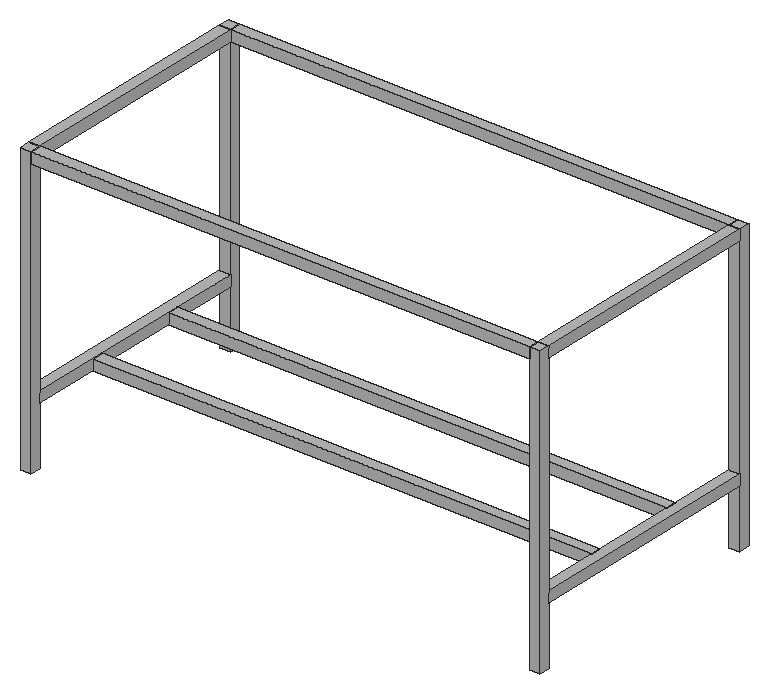
Revit family "Haworth_Cultivate_Table_BaseOnly", category Furniture Systems, Revit 2018
Family settings
  Round Connector Dimension = Use Diameter
  Part Type = Normal
  OmniClass Number = 23.40.70.14.64.21
  OmniClass Title = Systems Furniture
  Work Plane-Based = No
  Always vertical = Yes
  Cut with Voids When Loaded = No
  Shared = No
  Room Calculation Point = No
Parameters (values of type "42h 72w 36d - Top Overhang - None")
  Wire Manager Height = if(Actual Height > 36", 37 53/64", 25 53/64")  # 37 53/64"
  Warranty = "http://www.haworth.com/resources/product-info/warranties"
  Vertical Wire Manager = no
  URL - Product = "http://www.haworth.com/products/tables/collaborative/cultivate"
  Top Thickness 2 in. = not([Top Thickness 1 3/16 in.])  # yes
  Top Thickness 1 3/16 in. = no
  Top Thickness = if(Top Thickness 2 in., 2", 1 3/16")  # 2"
  Top Overhang - Right Side - 24 in. = no
  Top Overhang - Right Side - 19 in. = no
  Top Overhang - None = not(or([Top Overhang - Right Side - 19 in.], [Top Overhang - Right Side - 24 in.], [Top Overhang - Both Sides - 19 in.], [Top Overhang - Both Sides - 24 in.]))  # yes
  Top Overhang - Both Sides - 24 in. = no
  Top Overhang - Both Sides - 19 in. = no
  Top Included = not(Base Only)  # yes
  Table Seam = Width > 120"  # no
  Sustainability Info = "https://www.haworth.com/na/en/expertise/sustainability.html"
  Support Finish = Haworth _ Paint _ Metallic Champagne
  Standard Top Thickness = "1 3/16, 2 in."  # constant formula
  Model = "Haworth - Cultivate Table"  # constant formula
  Min. Depth = 36"  # constant formula
  Max. Depth = 42"  # constant formula
  Width = 72"
  URL = "www.haworth.com"
  Support Height = Actual Height - Top Thickness  # 40"
  Size = "Verify Final Dim. w/ Haworth"  # constant formula
  Revision Number = "1"  # constant formula
  Min/Max Width = "60-120 in.; or 79-115 in.; or 98-134 in. @ 12 in. increments"  # constant formula
  Standard Height = "29, 30, 41, 41 in."  # constant formula
  Min. Width = 60"  # constant formula
  Max. Width = 134"  # constant formula
  Manufacturer = "Haworth"  # constant formula
  Frame Height 40 in. = not(Frame Height 28 in.)  # yes
  Frame Height 28 in. = no
  Frame Height = if(Frame Height 40 in., 40", 28")  # 40"
  Footrest x2 = not(Footrest x1)  # yes
  Footrest x1 = Frame Height 28 in.  # no
  Description = "Haworth - Cultivate Table"  # constant formula
  Depth = 36"
  Custom Size = not(and(or(Depth = 36", Depth = 42"), or(Width = 60", Width = 72", Width = 84", Width = 96", Width = 108", Width = 120", Width = 79", Width = 91", Width = 103", Width = 115", Width = 98", Width = 110", Width = 122", Width = 134")))  # no
  Base Only = no
  Bag Hook Finish = Haworth _ Paint _ Metallic Champagne
  Bag Hook = no
  Author = "Haworth (Bentzen)"  # constant formula
  Assembly Code = "E2020200"
  Actual Width = if(Width > Max. Width, Max. Width, if(Width < Min. Width, Min. Width, Width))  # 72"
  Actual Top Overhang - Right Side - 24 in. = if(and([Top Overhang - Right Side - 24 in.], or((Width - 24") = 60", (Width - 24") = 72", (Width - 24") = 84", (Width - 24") = 96")), 24", 0")  # 0"
  Actual Top Overhang - Right Side - 19 in. = if(and([Top Overhang - Right Side - 19 in.], or((Width - 19") = 60", (Width - 19") = 72", (Width - 19") = 84", (Width - 19") = 96")), 19", 0")  # 0"
  Actual Top Overhang - Right Side = if(or([Actual Top Overhang - Both Sides - 19 in.] = 19", [Actual Top Overhang - Right Side - 19 in.] = 19"), 19", if(or([Actual Top Overhang - Both Sides - 24 in.] = 24", [Actual Top Overhang - Right Side - 24 in.] = 24"), 24", if([Top Overhang - None], 0", 0")))  # 0"
  Actual Top Overhang - Left Side = if([Actual Top Overhang - Both Sides - 19 in.] = 19", 19", if([Actual Top Overhang - Both Sides - 24 in.] = 24", 24", if([Top Overhang - None], 0", 0")))  # 0"
  Actual Top Overhang - Both Sides - 24 in. = if(and([Top Overhang - Both Sides - 24 in.], or((Width - 48") = 60", (Width - 48") = 72", (Width - 48") = 84", (Width - 48") = 96")), 24", 0")  # 0"
  Actual Top Overhang - Both Sides - 19 in. = if(and([Top Overhang - Both Sides - 19 in.], or((Width - 38") = 60", (Width - 38") = 72", (Width - 38") = 84", (Width - 38") = 96")), 19", 0")  # 0"
  Actual Height = Top Thickness + Frame Height  # 42"
  Standard Depths = "36, 42 in."  # constant formula
  Actual Depth = if(Depth > Max. Depth, Max. Depth, if(Depth < Min. Depth, Min. Depth, Depth))  # 36"
Reference planes (in)
  plane 1 "Floor": z = 0
  plane 2 "Table Bottom": z = 42
  plane 3 "masking region": z = 40
  plane 4: x = 189.5
  plane 5: x = 189.5
  plane 6: x = 261.5
  plane 7: x = 261.5
  plane 8: x = 225.5
  plane 9: z = 0
  plane 10: z = 42
  plane 11: y = -18.4568
  plane 12: y = 17.5432
  plane 13: y = -0.4568
  plane 14: z = 40
  plane 15: x = 189.5
  plane 16: x = 191
  plane 17: y = -18.4568
  plane 18: y = -16.9568
  plane 19: x = 189.5
  plane 20: x = 191
  plane 21: y = 16.0432
  plane 22: y = 17.5432
  plane 23: x = 260
  plane 24: x = 261.5
  plane 25: y = 16.0432
  plane 26: y = 17.5432
  plane 27: x = 260
  plane 28: x = 261.5
  plane 29: y = -18.4568
  plane 30: y = -16.9568
  plane 31: z = 38.5
  plane 32: z = 40
  plane 33: z = 38.5
  plane 34: x = 189.5
  plane 35: x = 191
  plane 36: z = 40
  plane 37: z = 38.5
  plane 38: z = 8.125
  plane 39: z = 9.625
  plane 40: y = 6.7932
  plane 41: y = -7.7068
  plane 42: y = 0.2932
  plane 43: y = -1.2068
  plane 44: y = -6.2068
  plane 45: y = 5.2932
  plane 46: x = 191.75
  plane 47: x = 191
  plane 48: y = -17.1218
  plane 49: y = -18.2918
  plane 50: z = 38.25
  plane 51: z = 0.42187
  plane 52: x = 194
  plane 53: y = -14.9568
Forms (in)
  Extrusion 1, solid, material "Haworth _ Paint _ Metallic Champagne" <- "Support Finish"
    sketch origin (0, 0, 0) x (1, 0, 0) y (0, 1, 0)
      loop
        line (189.5, 17.5432) -> (189.5, 16.0432) -> (191, 16.0432) -> (191, 17.5432) -> (189.5, 17.5432)
    from 0 to 40
  Extrusion 2, solid, material "Haworth _ Paint _ Metallic Champagne" <- "Support Finish"
    sketch origin (0, -34.5, 0) x (1, 0, 0) y (0, 1, 0)
      loop
        line (189.5, 17.5432) -> (189.5, 16.04321) -> (191, 16.04321) -> (191, 17.5432) -> (189.5, 17.5432)
    from 0 to 40
  Extrusion 3, solid, material "Haworth _ Paint _ Metallic Champagne" <- "Support Finish"
    sketch origin (58.5, -34.5, 0) x (1, 0, 0) y (0, 1, 0)
      loop
        line (201.5, 17.5432) -> (201.5, 16.04321) -> (203, 16.04321) -> (203, 17.5432) -> (201.5, 17.5432)
    from 0 to 40
  Extrusion 4, solid, material "Haworth _ Paint _ Metallic Champagne" <- "Support Finish"
    sketch origin (58.5, 0, 0) x (1, 0, 0) y (0, 1, 0)
      loop
        line (201.5, 17.5432) -> (201.5, 16.0432) -> (203, 16.0432) -> (203, 17.5432) -> (201.5, 17.5432)
    from 0 to 40
  Extrusion 5, solid, material "Haworth _ Paint _ Metallic Champagne" <- "Support Finish"
    sketch origin (0, 0, 0) x (1, 0, 0) y (0, 1, 0)
      loop
        line (189.5, 16.0432) -> (189.5, -16.9568) -> (191, -16.9568) -> (191, 16.0432) -> (189.5, 16.0432)
    from 38.5 to 40
  Extrusion 6, solid, material "Haworth _ Paint _ Metallic Champagne" <- "Support Finish"
    sketch origin (10, 0, 0) x (1, 0, 0) y (0, 1, 0)
      loop
        line (179.5, 16.0432) -> (179.5, -16.9568) -> (181, -16.9568) -> (181, 16.0432) -> (179.5, 16.0432)
    from 8.125 to 9.625
  Extrusion 7, solid, material "Haworth _ Paint _ Metallic Champagne" <- "Support Finish"
    sketch origin (70, 0, 0) x (1, 0, 0) y (0, 1, 0)
      loop
        line (190, 16.0432) -> (190, -16.9568) -> (191.5, -16.9568) -> (191.5, 16.0432) -> (190, 16.0432)
    from 8.125 to 9.625
  Extrusion 8, solid, material "Haworth _ Paint _ Metallic Champagne" <- "Support Finish"
    sketch origin (77, 0, 0) x (1, 0, 0) y (0, 1, 0)
      loop
        line (183, 16.0432) -> (183, -16.9568) -> (184.5, -16.9568) -> (184.5, 16.0432) -> (183, 16.0432)
    from 38.5 to 40
  Extrusion 9, solid, material "Haworth _ Paint _ Metallic Champagne" <- "Support Finish"
    sketch origin (267.36851, -391.55235, -11.5) x (0, 1, 0) y (-1, 0, 0)
      loop
        line (373.09556, 7.36851) -> (374.59555, 7.36851) -> (374.59555, 76.36851) -> (373.09556, 76.36851) -> (373.09556, 7.36851)
    from 50 to 51.5
  Extrusion 10, solid, material "Haworth _ Paint _ Metallic Champagne" <- "Support Finish"
    sketch origin (226.00659, -384.25913, -11.5) x (0, 1, 0) y (-1, 0, 0)
      loop
        line (400.30233, 35.00659) -> (400.30233, -33.99341) -> (401.80233, -33.99341) -> (401.80233, 35.00659) -> (400.30233, 35.00659)
    from 50 to 51.5
  Extrusion 11, solid, material "Haworth _ Paint _ Metallic Champagne" <- "Support Finish", visible <- "Footrest x2"
    sketch origin (0, 0, 0) x (1, 0, 0) y (0, 1, 0)
      loop
        line (191, -6.2068) -> (191, -7.7068) -> (260, -7.7068) -> (260, -6.2068) -> (191, -6.2068)
    from 8.125 to 9.625
  Extrusion 12, solid, material "Haworth _ Paint _ Metallic Champagne" <- "Support Finish", visible <- "Footrest x2"
    sketch origin (0, 23, 0) x (1, 0, 0) y (0, 1, 0)
      loop
        line (191, -16.2068) -> (191, -17.7068) -> (260, -17.7068) -> (260, -16.2068) -> (191, -16.2068)
    from 8.125 to 9.625
  Extrusion 13, solid, material "Haworth _ Paint _ Metallic Champagne" <- "Support Finish", visible <- "Footrest x1"
    sketch origin (16.73869, 11.72055, 0) x (1, 0, 0) y (0, 1, 0)
      loop
        line (174.26131, -11.42735) -> (174.26131, -12.92735) -> (243.26131, -12.92735) -> (243.26131, -11.42735) -> (174.26131, -11.42735)
    from 8.125 to 9.625
  Extrusion 14, solid, material "Haworth _ Paint _ Metallic Champagne" <- "Support Finish", visible <- "Vertical Wire Manager"
    sketch origin (206.70402, 171.01486, 40) x (-1, 0, 0) y (0, -1, 0)
      loop
        arc (14.95402, 188.22651) -> (14.98033, 188.16298) -> (15.04386, 188.13666) r 0.08984
        line (15.04386, 188.13666) -> (15.61417, 188.13666)
        arc (15.61417, 188.13666) -> (15.6777, 188.16298) -> (15.70402, 188.22651) r 0.08984
        line (15.70402, 188.22651) -> (15.70402, 189.21682)
        arc (15.70402, 189.21682) -> (15.6777, 189.28035) -> (15.61417, 189.30666) r 0.08984
        line (15.61417, 189.30666) -> (15.04386, 189.30666)
        arc (15.04386, 189.30666) -> (14.98033, 189.28035) -> (14.95402, 189.21682) r 0.08984
        line (14.95402, 189.21682) -> (14.95402, 188.22651)
    from -39.57813 to -1.75
  Sweep 15, solid, material "Haworth _ Paint _ Metallic Champagne" <- "Bag Hook Finish", visible <- "Bag Hook"
    path origin (1, 0, 1.5) x (0, 1, 0) y (0, 0, 1)
      loop
        line (-16.44931, 35.19657) -> (-15.90627, 34.1308)
        arc (-15.90627, 34.1308) -> (-15.34436, 33.86278) -> (-14.9568, 34.35) r 0.50004
        line (-14.9568, 34.35) -> (-14.9568, 38.5) -> (-16.5568, 38.5)
    profile origin (1, -15.7568, 40) x (0, 0, -1) y (1, 0, 0)
      loop
        line (0, 193) -> (0, 191.25) -> (0.0625, 191.25) -> (0.0625, 193) -> (0, 193)
  Sweep 16, solid, material "Haworth _ Paint _ Metallic Champagne" <- "Bag Hook Finish", visible <- "Bag Hook", not visible
    path origin (0, 0, 1.5) x (0, 1, 0) y (0, 0, 1)
      loop
        line (-16.44931, 35.19657) -> (-15.90627, 34.1308)
        arc (-15.90627, 34.1308) -> (-15.34436, 33.86278) -> (-14.9568, 34.35) r 0.50004
        line (-14.9568, 34.35) -> (-14.9568, 38.5) -> (-16.5568, 38.5)
    profile origin (0, -15.7568, 40) x (0, 0, -1) y (1, 0, 0)
      loop
        line (0, 193) -> (0, 191.25) -> (0.0625, 191.25) -> (0.0625, 193) -> (0, 193)
Lines and regions (in)
  Masking region 1, visible <- "Top Included"
    outline origin (0, 0, 0) x (1, 0, 0) y (0, 1, 0)
      loop
        line (189.5, 17.5432) -> (189.5, -18.4568) -> (261.5, -18.4568) -> (261.5, 17.5432) -> (189.5, 17.5432)
  symbolic lines, style "Haworth Hidden", detail levels medium+fine
    curve 1: line (189.5, 17.5432, 0) -> (189.5, -18.4568, 0)
    curve 2: line (191, 16.0432, 0) -> (191, -16.9568, 0)
    curve 3: line (260, 16.0432, 0) -> (260, -16.9568, 0)
    curve 4: line (261.5, 17.5432, 0) -> (261.5, -18.4568, 0)
    curve 5: line (191, 16.0432, 0) -> (260, 16.0432, 0)
    curve 12: line (191, -16.9568, 0) -> (260, -16.9568, 0)
  symbolic lines, style "Haworth Hidden", visible <- "Footrest x2", detail levels medium+fine
    curve 6: line (191, 5.2932, 0) -> (260, 5.2932, 0)
    curve 7: line (191, 6.7932, 0) -> (260, 6.7932, 0)
    curve 10: line (191, -7.7068, 0) -> (260, -7.7068, 0)
    curve 11: line (191, -6.2068, 0) -> (260, -6.2068, 0)
  symbolic lines, style "Haworth Hidden", visible <- "Footrest x1", detail levels medium+fine
    curve 8: line (191, 0.2932, 0) -> (260, 0.2932, 0)
    curve 9: line (191, -1.2068, 0) -> (260, -1.2068, 0)
    curve 13: line (191, -1.2068, 0) -> (260, -1.2068, 0)
    curve 14: line (191, 0.2932, 0) -> (260, 0.2932, 0)
  symbolic lines, style "Haworth Hidden", visible <- "Vertical Wire Manager", detail levels medium+fine
    curve 15: line (191, -17.1218, 0) -> (191.75, -17.1218, 0)
    curve 16: line (191.75, -18.2918, 0) -> (191.75, -17.1218, 0)
    curve 17: line (191, -18.2918, 0) -> (191.75, -18.2918, 0)
  symbolic lines, style "Haworth Hidden", visible <- "Bag Hook", detail levels medium+fine
    curve 18: line (192.25, -14.9568, 0) -> (194, -14.9568, 0)
    curve 19: line (194, -14.9568, 0) -> (194, -16.12211, 0)
    curve 20: line (192.25, -14.9568, 0) -> (192.25, -16.12211, 0)
    curve 21: arc (192.25, -16.12211, 0) -> (193.125, -16.5568, 0) -> (194, -16.12211, 0) r 1.09799
  symbolic lines, style "Haworth Hidden", visible <- "Bag Hook", not visible, detail levels medium+fine
    curve 22: line (191.25, -14.9568, 0) -> (193, -14.9568, 0)
    curve 23: line (193, -14.9568, 0) -> (193, -16.12211, 0)
    curve 24: line (191.25, -14.9568, 0) -> (191.25, -16.12211, 0)
    curve 25: arc (191.25, -16.12211, 0) -> (192.125, -16.5568, 0) -> (193, -16.12211, 0) r 1.09799
Dimensions and locks (in)
  "Actual Height": plane 2 "Table Bottom" to level
  "Top Thickness": plane 2 "Table Bottom" to plane 3 "masking region"
  "Actual Top Overhang - Left Side": plane 4 to plane 5
  "Actual Top Overhang - Right Side": plane 7 to plane 6
  equal spacing: plane 7, plane 8, plane 5
  "Width": plane 7 to plane 5
  equal spacing: plane 12, plane 13, plane 11
  "Actual Depth": plane 12 to plane 11
  "Top Thickness": plane 10 to plane 14
  "Support Height": plane 14 to plane 9
  plane 10 to plane 9 = 42"
  locked: plane 14 to plane 31 at 1.5
  locked: plane 28 to plane 27 at 1.5
  locked: plane 28 to plane 23 at 1.5
  plane 12 to plane 21 = 1 1/2"
  plane 12 to plane 25 = 1 1/2"
  plane 28 to plane 19 = 72"
  locked: plane 38 to plane 9 at 8.125
  locked: plane 39 to plane 38 at 1.5
  locked: plane 42 to plane 13 at 0.75
  locked: plane 13 to plane 43 at 0.75
  locked: plane 21 to plane 40 at 9.25
  locked: plane 41 to plane 18 at 9.25
  locked: plane 40 to plane 45 at 1.5
  locked: plane 44 to plane 41 at 1.5
  plane 48 to plane 49 = 1.17"
  plane 46 to plane 47 = 3/4"
  plane 31 to plane 50 = 1/4"
  "Wire Manager Height": plane 50 to plane 51
  locked: plane 53 to plane 18 at 2
  locked: plane 35 to plane 52 at 3
  aligned and locked: plane 11 to plane 17
  aligned and locked: plane 4 to plane 15
  aligned and locked: plane 4 to plane 19
  aligned and locked: plane 12 to plane 22
  aligned and locked: plane 6 to plane 24
  aligned and locked: plane 12 to plane 26
  aligned and locked: plane 11 to plane 29
  aligned and locked: plane 6 to plane 28
  aligned and locked: plane 14 to plane 32
  aligned and locked: plane 19 to plane 34
  aligned and locked: plane 14 to plane 36
  aligned and locked: Extrusion 1 to plane 21
  aligned and locked: plane 20 to Extrusion 1
  aligned and locked: Extrusion 1 to plane 4
  aligned and locked: plane 12 to Extrusion 1
  aligned and locked: plane 16 to Extrusion 2
  aligned and locked: Extrusion 2 to plane 4
  aligned and locked: plane 18 to Extrusion 2
  aligned and locked: Extrusion 2 to plane 11
  aligned and locked: Extrusion 3 to plane 27
  aligned and locked: plane 6 to Extrusion 3
  aligned and locked: plane 30 to Extrusion 3
  aligned and locked: Extrusion 3 to plane 11
  aligned and locked: plane 12 to Extrusion 4
  aligned and locked: plane 6 to Extrusion 4
  aligned and locked: Extrusion 4 to plane 25
  aligned and locked: Extrusion 4 to plane 23
  aligned and locked: plane 14 to Extrusion 2
  aligned and locked: plane 14 to Extrusion 1
  aligned and locked: plane 14 to Extrusion 3
  aligned and locked: plane 14 to Extrusion 4
  aligned and locked: Extrusion 4 to plane 9
  aligned and locked: Extrusion 3 to plane 9
  aligned and locked: Extrusion 1 to plane 9
  aligned and locked: Extrusion 2 to plane 9
  aligned and locked: plane 21 to Extrusion 5  (x2)
  aligned and locked: Extrusion 5 to plane 18  (x2)
  aligned and locked: Extrusion 5 to plane 34
  aligned and locked: plane 35 to Extrusion 5
  aligned and locked: plane 14 to Extrusion 5
  aligned and locked: Extrusion 5 to plane 31
  aligned and locked: plane 14 to Extrusion 8
  aligned and locked: Extrusion 8 to plane 31
  aligned and locked: Extrusion 8 to plane 27
  aligned and locked: plane 28 to Extrusion 8
  aligned and locked: plane 21 to Extrusion 6
  aligned and locked: Extrusion 6 to plane 18
  aligned and locked: plane 25 to Extrusion 8
  aligned and locked: plane 25 to Extrusion 7
  aligned and locked: Extrusion 8 to plane 30
  aligned and locked: Extrusion 7 to plane 30
  aligned and locked: Extrusion 7 to plane 23
  aligned and locked: plane 6 to Extrusion 7
  aligned and locked: Extrusion 6 to plane 34
  aligned and locked: plane 35 to Extrusion 6
  aligned and locked: plane 39 to Extrusion 6
  aligned and locked: Extrusion 6 to plane 38
  aligned and locked: Extrusion 7 to plane 38
  aligned and locked: plane 39 to Extrusion 7
  aligned and locked: Extrusion 10 to plane 20
  aligned and locked: Extrusion 9 to plane 20
  aligned and locked: plane 27 to Extrusion 10
  aligned and locked: plane 27 to Extrusion 9
  aligned and locked: plane 14 to Extrusion 9
  aligned and locked: plane 14 to Extrusion 10
  aligned and locked: Extrusion 9 to plane 31
  aligned and locked: Extrusion 10 to plane 31
  aligned and locked: plane 12 to Extrusion 10
  aligned and locked: plane 30 to Extrusion 9
  aligned and locked: Extrusion 10 to plane 25
  aligned and locked: Extrusion 9 to plane 11
  aligned and locked: Extrusion 12 to plane 35
  aligned and locked: Extrusion 13 to plane 35
  aligned and locked: Extrusion 11 to plane 35
  aligned and locked: Extrusion 12 to plane 23
  aligned and locked: plane 27 to Extrusion 13
  aligned and locked: plane 27 to Extrusion 11
  aligned and locked: plane 42 to Extrusion 13
  aligned and locked: Extrusion 13 to plane 43
  aligned and locked: Extrusion 12 to plane 45
  aligned and locked: plane 40 to Extrusion 12
  aligned and locked: plane 44 to Extrusion 11
  aligned and locked: Extrusion 11 to plane 41
  aligned and locked: plane 39 to Extrusion 11
  aligned and locked: plane 39 to Extrusion 13
  aligned and locked: plane 39 to Extrusion 12
  aligned and locked: Extrusion 11 to plane 38
  aligned and locked: Extrusion 13 to plane 38
  aligned and locked: Extrusion 12 to plane 38
  aligned and locked: plane 12 to Masking region 1
  aligned and locked: Masking region 1 to plane 11
  aligned and locked: plane 7 to Masking region 1
  aligned and locked: Masking region 1 to plane 5
  aligned and locked: curve 1 to plane 34
  aligned and locked: curve 3 to plane 23
  aligned and locked: plane 25 to curve 3
  aligned and locked: curve 5 to plane 25
  aligned and locked: curve 6 to plane 45
  aligned and locked: curve 7 to plane 40
  aligned and locked: curve 8 to plane 23
  aligned and locked: curve 9 to plane 43
  aligned and locked: curve 8 to plane 42
  aligned and locked: plane 18 to curve 2
  aligned and locked: plane 11 to curve 4
  aligned and locked: plane 30 to curve 3
  aligned and locked: curve 10 to plane 41
  aligned and locked: curve 11 to plane 44
  aligned and locked: curve 14 to plane 42
  aligned and locked: curve 13 to plane 43
  aligned and locked: Extrusion 14 sketch curve to plane 49
  aligned and locked: plane 47 to Extrusion 14 sketch curve
  aligned and locked: Extrusion 14 sketch curve to plane 46
  aligned and locked: plane 48 to Extrusion 14 sketch curve
  aligned and locked: Extrusion 14 to plane 51
  aligned and locked: plane 50 to Extrusion 14
  aligned and locked: plane 12 to curve 4
  aligned and locked: plane 11 to curve 1
  aligned and locked: plane 12 to curve 1
  aligned and locked: plane 35 to curve 13
  aligned and locked: plane 35 to curve 10
  aligned and locked: plane 52 to Sweep 15
  aligned and locked: plane 53 to Sweep 15
Automatic sketch dimensions
  Extrusion 14 sketch curve to plane 46 = 23/256"  (x2)
  plane 47 to Extrusion 14 sketch curve = 23/256"  (x2)
  Extrusion 1 sketch curve to plane 4 = 0"
  Extrusion 1 sketch curve to plane 16 = 0"
  Extrusion 1 sketch curve to plane 21 = 0"
  Extrusion 1 sketch curve to plane 12 = 0"
  Extrusion 2 sketch curve to plane 4 = 0"
  Extrusion 2 sketch curve to plane 11 = 0"
  Extrusion 2 sketch curve to plane 16 = 0"
  Extrusion 2 sketch curve to plane 18 = 0"
  Extrusion 3 sketch curve to plane 11 = 0"
  Extrusion 3 sketch curve to plane 23 = 0"
  Extrusion 3 sketch curve to plane 6 = 0"
  plane 18 to Extrusion 3 sketch curve = 0"
  plane 21 to Extrusion 4 sketch curve = 0"
  Extrusion 4 sketch curve to plane 23 = 0"
  Extrusion 4 sketch curve to plane 6 = 0"
  Extrusion 4 sketch curve to plane 12 = 0"
  Extrusion 5 sketch curve to plane 4 = 0"
  Extrusion 5 sketch curve to plane 16 = 0"
  Extrusion 5 sketch curve to plane 18 = 0"
  Extrusion 5 sketch curve to plane 21 = 0"
  Extrusion 6 sketch curve to plane 4 = 0"
  Extrusion 6 sketch curve to plane 16 = 0"
  Extrusion 6 sketch curve to plane 18 = 0"
  Extrusion 6 sketch curve to plane 21 = 0"
  plane 18 to Extrusion 7 sketch curve = 0"
  Extrusion 7 sketch curve to plane 23 = 0"
  Extrusion 7 sketch curve to plane 6 = 0"
  plane 21 to Extrusion 7 sketch curve = 0"
  plane 18 to Extrusion 8 sketch curve = 0"
  Extrusion 8 sketch curve to plane 23 = 0"
  Extrusion 8 sketch curve to plane 6 = 0"
  plane 21 to Extrusion 8 sketch curve = 0"
  Extrusion 9 sketch curve to plane 11 = 0"
  plane 18 to Extrusion 9 sketch curve = 0"
  Extrusion 9 sketch curve to plane 23 = 0"
  Extrusion 9 sketch curve to plane 16 = 0"
  plane 21 to Extrusion 10 sketch curve = 0"
  Extrusion 10 sketch curve to plane 12 = 0"
  Extrusion 10 sketch curve to plane 23 = 0"
  Extrusion 10 sketch curve to plane 16 = 0"
  Extrusion 11 sketch curve to plane 16 = 0"
  Extrusion 11 sketch curve to plane 23 = 0"
  Extrusion 11 sketch curve to plane 41 = 0"
  Extrusion 11 sketch curve to plane 44 = 0"
  Extrusion 12 sketch curve to plane 16 = 0"
  Extrusion 12 sketch curve to plane 23 = 0"
  Extrusion 12 sketch curve to plane 45 = 0"
  Extrusion 12 sketch curve to plane 40 = 0"
  Extrusion 13 sketch curve to plane 16 = 0"
  Extrusion 13 sketch curve to plane 23 = 0"
  Extrusion 13 sketch curve to plane 43 = 0"
  Extrusion 13 sketch curve to plane 42 = 0"
  Masking region 1 sketch curve to plane 4 = 0"
  plane 6 to Masking region 1 sketch curve = 0"
  Masking region 1 sketch curve to plane 11 = 0"
  Masking region 1 sketch curve to plane 12 = 0"
  curve 17 to plane 16 = 0"
  curve 15 to plane 16 = 0"
  curve 4 to plane 6 = 0"
  curve 16 to plane 18 = 0.165"
  plane 16 to curve 16 = 3/4"
  plane 11 to curve 17 = 0.165"
  profile plane to Sweep 15 sketch curve = 0"
  Sweep 15 sketch curve to Sweep 15 sketch curve = 1/16"
  profile plane to Sweep 15 sketch curve = 191 1/4"
  Sweep 15 sketch curve to Sweep 15 sketch curve = 1 3/4"
  Sweep 15 sketch curve to Sweep 15 sketch curve = 0.50004"
  Sweep 15 sketch curve to Sweep 15 sketch curve = 0.44943"
  Sweep 15 sketch curve to Sweep 15 sketch curve = 1.06577"
  Sweep 15 sketch curve to Sweep 15 sketch curve = 3.30343"
  Sweep 15 sketch curve to Sweep 15 sketch curve = 0.54304"
  Sweep 15 sketch curve to Sweep 15 sketch curve = 1.6"
  profile plane to Sweep 16 sketch curve = 0"
  Sweep 16 sketch curve to Sweep 16 sketch curve = 1/16"
  profile plane to Sweep 16 sketch curve = 191 1/4"
  Sweep 16 sketch curve to Sweep 16 sketch curve = 1 3/4"
  Sweep 16 sketch curve to Sweep 16 sketch curve = 0.50004"
  Sweep 16 sketch curve to Sweep 16 sketch curve = 0.44943"
  Sweep 16 sketch curve to Sweep 16 sketch curve = 1.06577"
  Sweep 16 sketch curve to Sweep 16 sketch curve = 3.30343"
  Sweep 16 sketch curve to Sweep 16 sketch curve = 0.54304"
  Sweep 16 sketch curve to Sweep 16 sketch curve = 1.6"
  curve 18 to curve 21 = 7/8"
  curve 21 to curve 19 = 7/8"
  curve 21 to curve 20 = 0.50201"
  curve 21 to curve 21 = 0.6633"
  curve 22 to curve 25 = 7/8"
  curve 25 to curve 23 = 7/8"
  curve 25 to curve 24 = 0.50201"
  curve 25 to curve 25 = 0.6633"
